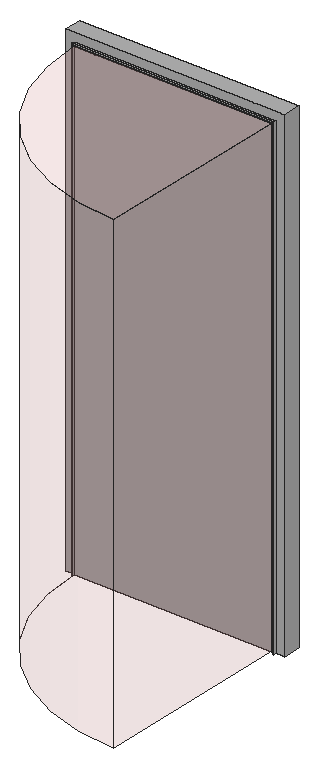
Revit family "ASSA ABLOY - ALPE PLUS SLIM, single-leaf, hidden frame, HIDDEN HINGES", category Doors, host Wall, Revit 2021
Family settings
  Host = Wall
  OmniClass Number = 23.30.10.00
  OmniClass Title = Doors
  Always vertical = Yes
  Cut with Voids When Loaded = No
  Shared = No
  Room Calculation Point = No
Parameters (values of type "800 x 2100 (802 x 2108)")
  URL = "https://www.assaabloy.com/pl/pl"
  Type Comments = "Door leaf made of two pressed galvanised steel sheets 1,25mm thick, reinforced with steel profile. Filled with mineral wool glued to the sheets with polyurethane adhesive. Non-rebated door."
  Symbol Radius = Door Leaf Width + 0.500 mm  # 882.500 mm
  Rough Width Real = Width Round + Rough Width Conversion + Rough Width Adjustment  # 998.000 mm
  Rough Width Conversion = 198.000 mm  # constant formula
  Rough Width Adjustment = 0.000 mm  # constant formula
  Rough Height Real = Height Round + Rough Height Conversion + Rough Height Adjustment  # 2182.000 mm
  Rough Height Conversion = 82.000 mm  # constant formula
  Rough Height Adjustment = 0.000 mm  # constant formula
  Recess Value [instance] = 12.000 mm
  Opening Zone [instance] = yes
  Model = "Doorset_Steel non-rebated door with concealed frame and hinges/ Wireless access control_ASSA ABLOY Opening Solutions_Hardware 3D"
  HW Item 8 = "1x Incedo: Access Control Set, incl. HUB AHxx_ASSA ABLOY (option)"
  Frame Finish [instance] = ""
  Fire Rating NFR (0) = [Fire Rating - Set Value (0-2)] = 0  # yes
  Fire Rating EI60 (2) = [Fire Rating - Set Value (0-2)] = 2  # no
  Fire Rating EI30 (1) = [Fire Rating - Set Value (0-2)] = 1  # no
  Fire Rating - Set Value (0-2) = 0
  Fire Rating = if([Fire Rating NFR (0)], "NFR", if([Fire Rating EI30 (1)], "EI30", if([Fire Rating EI60 (2)], "EI60", "0")))  # "NFR"
  Width Round = roundup((Width / 5.000 mm)) * 5.000 mm  # 800.000 mm
  Thickness = 60.000 mm  # constant formula
  Smoke Rating = "Sa, S200 (optional)"
  Rough Width = Width Round + 2.000 mm + Rough Width Conversion + Rough Width Adjustment  # 1000.000 mm
  Rough Height = Height Round + 8.000 mm + Rough Height Conversion + Rough Height Adjustment  # 2190.000 mm
  Readme = "The actual lintel height is consistent with the Rough Height parameter.\nThe final HW Set should be consistent with the function of the door and its  parameters.\nHardware mounted on door surface may affect the clear passage opening. For verification, please contact the specification department."
  Provider = "ASSA ABLOY Opening Solutions"
  Product Group = "Single-Steel-Non rebated-Access Control"
  Name = "Steel non-rebated door with concealed frame and hinges/ Wireless access control"
  Min Door Width = 520.000 mm
  Min Door Height = 1640.000 mm
  Mechanical Strength = 4
  Max Door Width = 1160.000 mm
  Max Door Height = 2400.000 mm
  Manufacturer = "ASSA ABLOY"  # constant formula
  IfcExportType = "USERDEFINED"
  IfcExportAs = "IfcDoorType"
  Height Round = roundup((Height / 5.000 mm)) * 5.000 mm  # 2100.000 mm
  Hardware Set = "1.21PL"
  HW Item 7 = "1x 206253: Vercy door stopper, max 120 kg_ASSA ABLOY (option) "
  HW Item 6 = "1x SK6 Radius: euro profile cylinder_IKON"
  HW Item 5 = "1x AP-AH100-121: rosette PZPZ_ASSA ABLOY"
  HW Item 4 = "1x H100: WIRELESS, built-in RFID reader and Bluetooth module integrated with handle_ASSA ABLOY"
  HW Item 3 = "1x EL160: mechanical mortice lockcase with automatic dead locking system_ABLOY"
  HW Item 2 = "1x DC892: concealed door closer guide rail_ASSA ABLOY"
  HW Item 1 = "1x DC860/ DC840: concealed door closer, Cam-Motion®_ASSA ABLOY"
  Function = Interior
  Height = 2100.000 mm
  Wall Closure = By host
  Width = 800.000 mm
  Frame Type = "Welded steel concealed SLIM frame, made of galvanised sheet 1,8mm thick."
  Frame Material = Default steel
  Family name = "1.21_DOORSET_ALPE PLUS Sp 60-1 SLIM_SINGLE-LEAF_CONCEALED FRAME_ASSA ABLOY PL"
  Environmental Product Declaration (EPD) = "To be confirmed with Provider"  # constant formula
  Environmental Management System = "To be confirmed with Provider"  # constant formula
  Edition number = "1"
  Door Type = "ALPE PLUS Sp 60-1 SLIM"
  Door Material = Default steel
  Door Leaf Width = Width Round + 82.000 mm + Rough Width Adjustment  # 882.000 mm
  Door Finish Push Side [instance] = ""
  Door Finish Pull Side [instance] = ""
  Description = "ALPE PLUS Sp 60-1 SLIM, door leaf made of two pressed galvanised steel sheets 1,25mm thick, reinforced with steel profile. Filled with mineral wool glued to the sheets with polyurethane adhesive. Non-rebated door. Stainless steel concealed hinges TECTUS TE541 3D FVZ with 3D regulation. Mechanical durability – class C3 according to PN-EN 16034:2014. Mechanical strength – class 4 according to PN-EN 1192:2001. Welded steel concealed SLIM frame, made of galvanised sheet 1,8mm thick."
  Date of publishing = ""
  Contact Provider = "https://www.assaabloy.com/pl/pl/solutions/topics/bim-specification/contact"
  Brand = "ASSA ABLOY Mercor Doors Sp. z o. o."  # constant formula
  Author = "www.archispace.pl"
Types (5, lengths in mm): name | Symbol Radius | Rough Width Real | Rough Height Real | Width Round | Rough Width | Rough Height | Height Round | Height | Width | Door Leaf Width
  520 x 1640 (522 x 1648) | 602.500 | 718.000 | 1722.000 | 520.000 | 720.000 | 1730.000 | 1640.000 | 1640.000 | 520.000 | 602.000
  800 x 2100 (802 x 2108) | 882.500 | 998.000 | 2182.000 | 800.000 | 1000.000 | 2190.000 | 2100.000 | 2100.000 | 800.000 | 882.000
  900 x 2100 (902 x 2108) | 982.500 | 1098.000 | 2182.000 | 900.000 | 1100.000 | 2190.000 | 2100.000 | 2100.000 | 900.000 | 982.000
  1000 x 2100 (1002 x 2108) | 1082.500 | 1198.000 | 2182.000 | 1000.000 | 1200.000 | 2190.000 | 2100.000 | 2100.000 | 1000.000 | 1082.000
  1160 x 2400 (1162 x 2408) | 1242.500 | 1358.000 | 2482.000 | 1160.000 | 1360.000 | 2490.000 | 2400.000 | 2400.000 | 1160.000 | 1242.000
Reference planes
  plane 1: y = 0
  plane 2 "Center (Left/Right)": x = 0
  plane 3: z = 2190
  plane 4 "Exterior": y = 53
  plane 5 "Interior": y = -53
  plane 6: x = -499
  plane 7: x = 499
  plane 8: z = 2100
  plane 9: x = -440
  plane 10: x = 442
  plane 11: z = 2125
  plane 12: z = 8
  plane 13: x = 442.5
  plane 14: x = -500
  plane 15: x = 500
  plane 16: x = -417.6
  plane 17: x = 417
  plane 18: z = 2182
  plane 19: y = -41
  plane 20: x = -452
  plane 21: x = -423
  plane 22: x = 452
  plane 23: x = 423
  plane 24: z = 2135
  plane 25: z = 2106
  plane 26: y = 39
  plane 27: y = -39
  plane 28: y = -53.5
  plane 29: y = 12
  plane 30: y = 23.5
  plane 31: y = 53.5
  plane 32: y = -52
  plane 33: x = -1732.981
  plane 34: y = 41
Forms (mm)
  Sweep 1, solid, material "Default steel" <- "Frame Material"
    path origin (-489, -41, 1200) x (1, 0, 0) y (0, 0, 1)
      loop
        line (-10, -1200) -> (-10, 982) -> (988, 982) -> (988, -1200)
    profile origin (-499, -41, 1091) x (-1, 0, 0) y (0, -1, 0)
      loop
        line (-10, -80) -> (-10, -2) -> (-47.5, -2) -> (-47.5, 12.5) -> (-52, 12.5) -> (-52, -53) -> (-61.5, -53) -> (-61.5, -64.5) -> (-76.5, -64.5) -> (-76.5, -53) -> (-81.4, -53) -> (-81.4, -94.5) -> (-76.9, -94.5) -> (-76.9, -80) -> (-10, -80)
  Sweep 2, solid, material "Default steel" <- "Door Material"
    path origin (-489, -41, 1200) x (1, 0, 0) y (0, 0, 1)
      loop
        line (489, -1192) -> (489, 925)
    profile origin (0, -41, 1066.5) x (-1, 0, 0) y (0, -1, 0)
      loop
        line (440, -49.5) -> (440, 12.5) -> (-442, 12.5) -> (-442, -49.5) -> (440, -49.5)
  Sweep 3, solid, material "Opening zone", visible <- "Opening Zone"
    path origin (-5000, 0, 0) x (-1, 0, 0) y (0, 0, 1)
      loop
        line (-5000, 8) -> (-5000, 2125)
    profile origin (0, 0, 1066.5) x (1, 0, 0) y (0, 1, 0)
      loop
        line (442.5, -52) -> (-440, -52)
        arc (-440, -52) -> (-181.522, -676.022) -> (442.5, -934.5) r 882.5
        line (442.5, -934.5) -> (442.5, -52)
  Sweep 4, solid, material "Default steel" <- "Door Material"
    path origin (-489, -41, 1200) x (1, 0, 0) y (0, 0, 1)
      loop
        line (49, -1192) -> (49, 925) -> (931, 925) -> (931, -1192)
    profile origin (1, -41, 2125) x (0, 0, 1) y (0, -1, 0)
      loop
        line (-4, -8.25) -> (-14, -8.25) -> (-14, -28.75) -> (-4, -28.75) -> (-4, -8.25)
  Sweep 5, void
    path origin (-489, -41, 1200) x (1, 0, 0) y (0, 0, 1)
      loop
        line (49, -1192) -> (49, 925) -> (931, 925) -> (931, -1192)
    profile origin (1, -41, 2125) x (0, 0, 1) y (0, -1, 0)
      loop
        line (0, -8.25) -> (-14, -8.25) -> (-14, -28.75) -> (0, -28.75) -> (0, -8.25)
  Sweep 6, void
    path origin (-489, -41, 1200) x (1, 0, 0) y (0, 0, 1)
      loop
        line (489, -1200) -> (489, 990)
    profile origin (0, -41, 1095) x (-1, 0, 0) y (0, -1, 0)
      loop
        line (500, -82) -> (500, 0) -> (-500, 0) -> (-500, -82) -> (500, -82)
  Sweep 7, void
    path origin (-489, -30, 1200) x (1, 0, 0) y (0, 0, 1)
      loop
        line (489, -1200) -> (489, 906)
    profile origin (0, -30, 1053) x (-1, 0, 0) y (0, -1, 0)
      loop
        line (423, -83) -> (423, -71) -> (-423, -71) -> (-423, -83) -> (423, -83)
  Sweep 8, void
    path origin (-489, -50, 1200) x (1, 0, 0) y (0, 0, 1)
      loop
        line (489, -1200) -> (489, 935)
    profile origin (0, -50, 1067.5) x (-1, 0, 0) y (0, -1, 0)
      loop
        line (452, -9) -> (452, 3) -> (-452, 3) -> (-452, -9) -> (452, -9)
Cuts and joins
  Sweep 5 cuts Sweep 2
Lines and regions (mm)
  Masking region 1, detail levels fine
    outline origin (-1177.682, -302.4, 2052) x (-1, 0, 0) y (0, -1, 0)
      loop
        line (-688.682, -341.4) -> (-688.682, -263.4) -> (-726.182, -263.4) -> (-726.182, -248.9) -> (-730.682, -248.9) -> (-730.682, -314.4) -> (-740.182, -314.4) -> (-740.182, -325.9) -> (-755.182, -325.9) -> (-755.182, -314.4) -> (-760.082, -314.4) -> (-760.082, -355.9) -> (-755.582, -355.9) -> (-755.582, -341.4) -> (-688.682, -341.4)
      loop
        line (-1666.682, -341.4) -> (-1599.782, -341.4) -> (-1599.782, -355.9) -> (-1595.282, -355.9) -> (-1595.282, -314.4) -> (-1600.182, -314.4) -> (-1600.182, -325.9) -> (-1615.182, -325.9) -> (-1615.182, -314.4) -> (-1624.682, -314.4) -> (-1624.682, -248.9) -> (-1629.182, -248.9) -> (-1629.182, -263.4) -> (-1666.682, -263.4) -> (-1666.682, -341.4)
  Masking region 2, detail levels medium
    outline origin (-1132.682, -300, 2052) x (-1, 0, 0) y (0, -1, 0)
      loop
        line (-643.682, -339) -> (-643.682, -261) -> (-681.182, -261) -> (-681.182, -246.5) -> (-715.082, -246.5) -> (-715.082, -353.5) -> (-710.582, -353.5) -> (-710.582, -339) -> (-643.682, -339)
      loop
        line (-1621.682, -339) -> (-1554.782, -339) -> (-1554.782, -353.5) -> (-1550.282, -353.5) -> (-1550.282, -246.5) -> (-1584.182, -246.5) -> (-1584.182, -261) -> (-1621.682, -261) -> (-1621.682, -339)
  symbolic lines, style "Elevation Swing"
    curve 1: line (-417.6, -53, 1095) -> (417, -53, 2100)
    curve 2: line (-417.6, -53, 1095) -> (417, -53, 8)
Text (mm)
  text "Exterior" at (-1376.75, 1099.543, 0), in view "Ref. Level"
  text "Exterior" at (0, 1615.38, 3698.081), in view "Left"
  text "Exterior" at (0, 1036.032, 3874.932), in view "Right"
Dimensions and locks
  "Rough Height": plane 3 to host wall
  equal spacing: host wall, curve 2, plane 3
  host wall to plane 3 = 2190.000 mm
  locked: plane 4 "Exterior" to host wall
  locked: plane 5 "Interior" to host wall
  equal spacing: plane 6, plane 2 "Center (Left/Right)", plane 7
  "Rough Width Real": plane 6 to plane 7
  "Height": plane 8 to level
  locked: plane 10 to plane 7 at 57
  locked: plane 12 to level at 8
  equal spacing: plane 15, plane 2 "Center (Left/Right)", plane 14
  "Rough Width": plane 15 to plane 14
  locked: plane 6 to plane 9 at 59
  locked: plane 6 to plane 16 at 81.4
  locked: plane 17 to plane 7 at 82
  "Rough Height Real": plane 18 to level
  plane 18 to plane 11 = 57.000 mm
  locked: plane 13 to plane 7 at 56.5
  "Recess Value": plane 5 "Interior" to plane 19
  locked: plane 11 to Sweep 5 sketch curve at 14
  locked: plane 6 to plane 20 at 47
  locked: plane 6 to plane 21 at 76
  locked: plane 22 to plane 7 at 47
  locked: plane 23 to plane 7 at 76
  locked: plane 18 to plane 24 at 47
  locked: plane 18 to plane 25 at 76
  locked: plane 26 to plane 27 at 78
  locked: plane 6 to Masking region 1 sketch curve at 10
  locked: plane 6 to Masking region 1 sketch curve at 47.5
  locked: plane 6 to Masking region 1 sketch curve at 52
  locked: plane 6 to Masking region 1 sketch curve at 61.5
  locked: plane 6 to Masking region 1 sketch curve at 76.5
  locked: plane 6 to Masking region 1 sketch curve at 81.4
  locked: plane 6 to Masking region 1 sketch curve at 76.9
  locked: Masking region 1 sketch curve to plane 7 at 10
  locked: Masking region 1 sketch curve to plane 7 at 47.5
  locked: Masking region 1 sketch curve to plane 7 at 52
  locked: Masking region 1 sketch curve to plane 7 at 61.5
  locked: Masking region 1 sketch curve to plane 7 at 76.5
  locked: Masking region 1 sketch curve to plane 7 at 81.4
  locked: Masking region 1 sketch curve to plane 7 at 76.9
  locked: plane 6 to Masking region 2 sketch curve at 10
  locked: plane 6 to Masking region 2 sketch curve at 47.5
  locked: plane 6 to Masking region 2 sketch curve at 76.9
  locked: plane 6 to Masking region 2 sketch curve at 81.4
  locked: Masking region 2 sketch curve to plane 7 at 10
  locked: Masking region 2 sketch curve to plane 7 at 47.5
  locked: Masking region 2 sketch curve to plane 7 at 81.4
  locked: Masking region 2 sketch curve to plane 7 at 76.9
  locked: plane 6 to Sweep 1 sketch curve at 10
  locked: plane 6 to Sweep 1 sketch curve at 47.5
  locked: plane 6 to Sweep 1 sketch curve at 52
  locked: plane 6 to Sweep 1 sketch curve at 61.5
  locked: plane 6 to Sweep 1 sketch curve at 76.5
  locked: plane 6 to Sweep 1 sketch curve at 81.4
  locked: plane 6 to Sweep 1 sketch curve at 76.9
  locked: plane 32 to plane 19 at 11
  locked: plane 26 to plane 31 at 14.5
  locked: plane 27 to plane 28 at 14.5
  locked: plane 30 to plane 29 at 11.5
  locked: plane 26 to plane 34 at 2
  locked: plane 27 to plane 19 at 2
  locked: plane 29 to plane 27 at 51
  "Symbol Radius": radius of Sweep 3 sketch curve
  aligned and locked: plane 1 to host wall
  aligned and locked: level to Sweep 1 sketch curve  (x2)
  aligned and locked: Sweep 1 sketch curve to plane 6
  aligned and locked: plane 7 to Sweep 1 sketch curve
  aligned and locked: plane 2 "Center (Left/Right)" to Sweep 2 sketch curve
  aligned and locked: nested 1 to plane 2 "Center (Left/Right)"
  aligned and locked: plane 2 "Center (Left/Right)" to Sweep 3 sketch curve
  aligned and locked: plane 11 to Sweep 2 sketch curve
  aligned and locked: plane 10 to Sweep 2 sketch curve
  aligned and locked: plane 9 to Sweep 2 sketch curve
  aligned and locked: Sweep 3 sketch curve to plane 13
  aligned and locked: Sweep 1 sketch curve to plane 18
  aligned and locked: plane 12 to Sweep 2 sketch curve
  aligned and locked: plane 19 to nested 1
  aligned and locked: Sweep 4 sketch curve to plane 11
  aligned and locked: Sweep 4 sketch curve to plane 9
  aligned and locked: plane 10 to Sweep 4 sketch curve
  aligned and locked: plane 12 to Sweep 4 sketch curve  (x2)
  aligned and locked: Sweep 5 sketch curve to plane 11
  aligned and locked: plane 3 to Sweep 6 sketch curve
  aligned and locked: level to Sweep 6 sketch curve
  aligned and locked: plane 2 "Center (Left/Right)" to Sweep 6 sketch curve
  aligned and locked: plane 14 to Sweep 6 sketch curve
  aligned and locked: Sweep 6 sketch curve to plane 19
  aligned and locked: Sweep 6 sketch curve to plane 15
  aligned and locked: Masking region 1 sketch curve to plane 26
  aligned and locked: plane 31 to Masking region 1 sketch curve
  aligned and locked: plane 30 to Masking region 1 sketch curve
  aligned and locked: Masking region 1 sketch curve to plane 29  (x2)
  aligned and locked: plane 28 to Masking region 1 sketch curve
  aligned and locked: Masking region 1 sketch curve to plane 27
  aligned and locked: Masking region 1 sketch curve to plane 31
  aligned and locked: plane 26 to Masking region 1 sketch curve
  aligned and locked: Masking region 1 sketch curve to plane 30
  aligned and locked: plane 29 to Masking region 1 sketch curve  (x2)
  aligned and locked: plane 27 to Masking region 1 sketch curve
  aligned and locked: Masking region 1 sketch curve to plane 28
  aligned and locked: level to Sweep 7 sketch curve
  aligned and locked: plane 25 to Sweep 7 sketch curve
  aligned and locked: plane 4 "Exterior" to Sweep 7 sketch curve
  aligned and locked: plane 21 to Sweep 7 sketch curve
  aligned and locked: plane 23 to Sweep 7 sketch curve
  aligned and locked: level to Sweep 8 sketch curve
  aligned and locked: plane 2 "Center (Left/Right)" to Sweep 8 sketch curve
  aligned and locked: plane 24 to Sweep 8 sketch curve
  aligned and locked: Sweep 8 sketch curve to plane 5 "Interior"
  aligned and locked: plane 19 to Sweep 8 sketch curve
  aligned and locked: Sweep 8 sketch curve to plane 20
  aligned and locked: Sweep 8 sketch curve to plane 22
  aligned and locked: plane 31 to Masking region 2 sketch curve
  aligned and locked: Masking region 2 sketch curve to plane 26
  aligned and locked: Masking region 2 sketch curve to plane 27
  aligned and locked: plane 28 to Masking region 2 sketch curve
  aligned and locked: Masking region 2 sketch curve to plane 31
  aligned and locked: plane 26 to Masking region 2 sketch curve
  aligned and locked: Masking region 2 sketch curve to plane 28
  aligned and locked: plane 27 to Masking region 2 sketch curve
  aligned and locked: Sweep 1 sketch curve to plane 27
  aligned and locked: plane 28 to Sweep 1 sketch curve
  aligned and locked: Sweep 1 sketch curve to plane 29  (x2)
  aligned and locked: plane 30 to Sweep 1 sketch curve
  aligned and locked: Sweep 1 sketch curve to plane 26
  aligned and locked: plane 31 to Sweep 1 sketch curve
  aligned and locked: plane 32 to Sweep 3 sketch curve
  aligned and locked: Sweep 6 sketch curve to plane 34
  aligned and locked: plane 34 to Sweep 7 sketch curve
  aligned and locked: plane 11 to Sweep 3 sketch curve
  aligned and locked: plane 12 to Sweep 3 sketch curve
  aligned and locked: plane 12 to curve 2
  aligned and locked: plane 17 to curve 2
  aligned and locked: plane 16 to curve 2
  aligned and locked: plane 17 to curve 1
  aligned and locked: plane 8 to curve 1
Automatic sketch dimensions
  Sweep 5 sketch curve to plane 9 = 0.000 mm
  plane 10 to Sweep 5 sketch curve = 0.000 mm
  Sweep 5 sketch curve to plane 12 = 0.000 mm  (x2)
  Sweep 5 sketch curve to plane 11 = 0.000 mm
  Sweep 5 sketch curve to plane 19 = 28.750 mm
  Sweep 5 sketch curve to plane 19 = 8.250 mm
  Sweep 7 sketch curve to plane 2 "Center (Left/Right)" = 0.000 mm
  Sweep 2 sketch curve to profile plane = 49.500 mm
  profile plane to Sweep 2 sketch curve = 12.500 mm
  profile plane to Sweep 4 sketch curve = 14.000 mm
  profile plane to Sweep 4 sketch curve = 4.000 mm
  Sweep 4 sketch curve to plane 19 = 28.750 mm
  Sweep 4 sketch curve to plane 19 = 8.250 mm
Nested families
  nested 1: "Detail_Door symbol" at (0, -41, 2052), type "Detail_Door symbol"
Definition of nested family "Detail_Door symbol"
  Parameters (values of type "Detail_Door symbol")
    Symbol Radius = 883.250 mm
    Rough Width = 998.000 mm
    Door Leaf Width = 875.150 mm
  Reference planes
    plane 1 "Center (Front/Back)": y = 0
    plane 2: z = 0
    plane 3 "Center (Left/Right)": x = 0
    plane 4: x = -499
    plane 5: x = 499
    plane 6: y = -11
    plane 7: x = 442.5
    plane 8: x = 444
    plane 9: x = 382
    plane 10: y = -11.5
    plane 11: y = -886.65
    plane 12: y = -882.65
    plane 13: y = -872.65
    plane 14: y = -25.5
    plane 15: y = -15.5
    plane 16: x = 402.75
    plane 17: x = 423.25
  Lines and regions (mm)
    Filled region 1, type "Solid Fill - White", in view "Ref. Level", detail levels medium
      outline origin (-88.5, 43.059, 0) x (0, 1, 0) y (-1, 0, 0)
        loop
          line (-54.559, -532.5) -> (-54.559, -470.5) -> (-929.709, -470.5) -> (-929.709, -532.5) -> (-54.559, -532.5)
    Filled region 2, type "Solid Fill - White", in view "Ref. Level", detail levels fine
      outline origin (-88.5, 43.059, 0) x (0, 1, 0) y (-1, 0, 0)
        loop
          line (-54.559, -532.5) -> (-54.559, -511.75) -> (-68.559, -511.75) -> (-68.559, -491.25) -> (-54.559, -491.25) -> (-54.559, -470.5) -> (-929.709, -470.5) -> (-929.709, -491.25) -> (-915.709, -491.25) -> (-915.709, -511.75) -> (-929.709, -511.75) -> (-929.709, -532.5) -> (-54.559, -532.5)
    Filled region 3, type "Solid Fill - White", in view "Ref. Level", detail levels fine
      outline origin (-88.5, 43.059, 0) x (0, 1, 0) y (-1, 0, 0)
        loop
          line (-925.709, -491.25) -> (-925.709, -511.75) -> (-915.709, -511.75) -> (-915.709, -491.25) -> (-925.709, -491.25)
        loop
          line (-58.559, -491.25) -> (-68.559, -491.25) -> (-68.559, -511.75) -> (-58.559, -511.75) -> (-58.559, -491.25)
    detail lines, in view "Ref. Level"
      curve 1: arc (442.5, -894.25, 0) -> (-182.052, -635.552, 0) -> (-440.75, -11, 0) r 883.25
    detail lines, in view "Ref. Level", detail levels coarse
      curve 2: line (442.5, -894.25, 0) -> (442.5, -11, 0)
  Dimensions and locks
    equal spacing: plane 4, plane 3 "Center (Left/Right)", plane 5
    "Rough Width": plane 4 to plane 5
    locked: plane 6 to plane 1 "Center (Front/Back)" at 11
    locked: plane 10 to plane 1 "Center (Front/Back)" at 11.5
    "Door Leaf Width": plane 10 to plane 11
    locked: plane 7 to plane 5 at 56.5
    locked: plane 8 to plane 5 at 55
    locked: plane 9 to plane 8 at 62
    locked: plane 10 to plane 14 at 14
    locked: plane 15 to plane 14 at 10
    locked: plane 13 to plane 11 at 14
    locked: plane 13 to plane 12 at 10
    locked: plane 9 to plane 16 at 20.75
    locked: plane 17 to plane 8 at 20.75
    "Symbol Radius": radius of curve 1
    aligned and locked: plane 6 to curve 1
    aligned and locked: plane 10 to Filled region 1 sketch curve
    aligned and locked: Filled region 1 sketch curve to plane 8
    aligned and locked: Filled region 1 sketch curve to plane 9
    aligned and locked: Filled region 1 sketch curve to plane 11
    aligned and locked: plane 6 to curve 2
    aligned and locked: curve 2 to plane 7
    aligned and locked: Filled region 2 sketch curve to plane 14
    aligned and locked: Filled region 2 sketch curve to plane 16
    aligned and locked: Filled region 2 sketch curve to plane 17
    aligned and locked: plane 16 to Filled region 2 sketch curve
    aligned and locked: Filled region 2 sketch curve to plane 13
    aligned and locked: plane 17 to Filled region 2 sketch curve
    aligned and locked: plane 16 to Filled region 3 sketch curve
    aligned and locked: Filled region 3 sketch curve to plane 13
    aligned and locked: plane 17 to Filled region 3 sketch curve
    aligned and locked: Filled region 3 sketch curve to plane 12
    aligned and locked: Filled region 3 sketch curve to plane 15
    aligned and locked: Filled region 3 sketch curve to plane 14
    aligned and locked: Filled region 3 sketch curve to plane 16
    aligned and locked: Filled region 3 sketch curve to plane 17
  Automatic sketch dimensions
    Filled region 2 sketch curve to plane 8 = 0.000 mm
    plane 11 to Filled region 2 sketch curve = 0.000 mm
    Filled region 2 sketch curve to plane 11 = 0.000 mm
    Filled region 2 sketch curve to plane 10 = 0.000 mm  (x2)
    Filled region 2 sketch curve to plane 9 = 0.000 mm
    curve 1 to plane 7 = 0.000 mm
